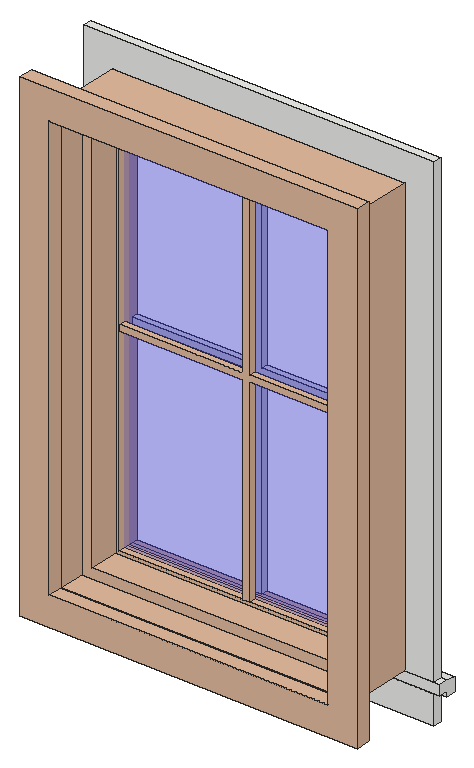
Revit family "M_Janela-fixa", category Janelas, Revit 2019
Family settings
  Hospedeiro = Parede
  Número OmniClass = 23.30.20.17.11
  Título OmniClass = Fixed Windows
  Sempre na vertical = Sim
  Corte com vazios quando carregada = Não
  Compartilhado = Não
  Ponto de cálculo do ambiente = Não
Parameters (values of type "600 x 900mm")
  Janela aplicada [instance] = 0 mm
  Espessura da parede [instance] = 150 mm
  Visual Light Transmittance = 0.81
  Resistência térmica (R) = 0.319569 (m²·K)/W
  Solar Heat Gain Coefficient = 0.76
  Largura bruta = Largura + 15 mm  # 615 mm
  Altura bruta = Altura + 15 mm  # 915 mm
  Visibilidade do montante = yes
  Padrão do montante = M_Padrão do montante_2x2 : M_Padrão do montante_2x2
  Fechamento da parede interior [instance] = 54.75 mm
  Visibilidade do recorte interior [instance] = yes
  Material da apara interior = Madeira – Manchada
  Recorte interior = M_Moldura-janela-interior-plana : Quadro
  Altura = 900 mm
  Material da moldura interior = Madeira – Manchada
  Coeficiente de transferência de calor (U) = 3.12929 W/(m²·K)
  Material do painel de vidro = Vidro
  Extensão do quadro [instance] = if(Visibilidade da apara externa, Janela aplicada + 6.35 mm, 6.35 mm)  # 6.35 mm
  Classificação de incêndio = "0.5h"
  Fechamento da parede externa [instance] = 31.75 mm
  Visibilidade da apara externa [instance] = yes
  Material da apara externa = Revestimento – Branco
  Apara externa = M_Recorte-Janela-Exterior-Plana : com peitoril
  Material da moldura exterior = Revestimento – Branco
  Visibilidade do umbral da extensão [instance] = and(Visibilidade do recorte interior, Espessura da parede - Janela aplicada > 95.25 mm)  # yes
  Umbral da extensão [instance] = if(Espessura da parede - Janela aplicada > 95.25 mm, Espessura da parede - Janela aplicada - 95.25 mm, 25.4 mm)  # 54.75 mm
  Altura-padrão do peitoril = 900 mm
  Fechamento da parede = Por hospedeiro
  Largura = 600 mm
  Código de montagem = "B2020100"
  Construção analítica = "Vidraça dupla – residencial"
Reference planes
  plane 1 "Centro (Frente/Trás)": y = 0
  plane 2: z = 0
  plane 3 "Centro (Esquerda/Direita)": x = 0
  plane 4 "Esquerda": x = -300
  plane 5 "Direita": x = 300
  plane 6 "Peitoril": z = 900
  plane 7 "Superior": z = 1800
  plane 8 "Inset Face": y = 75
  plane 9 "Fechamento da parede": y = -20.25
  plane 10 "Face do caixilho": y = 87.7
  plane 11 "Exterior": y = 75
  plane 12: x = 287.3
  plane 13: x = -287.3
  plane 14: z = 1787.3
  plane 15: z = 912.7
  plane 16: y = 55.95
  plane 17 "Vidro": y = 65.475
  plane 18: y = 94.05
  plane 19: y = 94.05
  plane 20 "Interior": y = -75
  plane 21 "Umbral": y = -20.25
  plane 22 "Meio": z = 1350
  plane 23: z = 1350
  plane 24: x = 268.25
  plane 25: x = 261.9
  plane 26: x = -261.9
  plane 27: x = 261.9
  plane 28: z = 1761.9
  plane 29: z = 938.1
  plane 30: y = -20.25
  plane 31: y = 43.25
  plane 32: y = 94.05
Forms (mm)
  Sweep 1, solid, material "Madeira – Manchada" <- "Material da moldura interior"
    path origin (0, 87.7, 0) x (-1, 0, 0) y (0, 0, 1)
      loop
        line (-300, 900) -> (300, 900) -> (300, 1800) -> (-300, 1800) -> (-300, 900)
    profile origin (300, 87.7, 1350) x (1, 0, 0) y (0, 1, 0)
      loop
        line (0, 6.35) -> (-12.7, 6.35) -> (-12.7, -44.45) -> (-31.75, -44.45) -> (-31.75, -107.95) -> (0, -107.95) -> (0, 6.35)
  Extrusion 2, solid, material "Madeira – Manchada" <- "Material da moldura interior", visible <- "Visibilidade do umbral da extensão"
    sketch origin (0, 0, 0) x (1, 0, 0) y (0, 0, 1)
      loop
        line (300, 1800) -> (-300, 1800) -> (-300, 900) -> (300, 900) -> (300, 1800)
      loop
        line (287.3, 912.7) -> (287.3, 1787.3) -> (-287.3, 1787.3) -> (-287.3, 912.7) -> (287.3, 912.7)
    from 20.25 to 75
  Sweep 3, solid, material "Madeira – Manchada" <- "Material da moldura interior"
    path origin (0, 87.7, 0) x (-1, 0, 0) y (0, 0, 1)
      loop
        line (-287.3, 1787.3) -> (-287.3, 912.7) -> (287.3, 912.7) -> (287.3, 1787.3) -> (-287.3, 1787.3)
    profile origin (287.3, 87.7, 1350) x (0, 1, 0) y (-1, 0, 0)
      loop
        line (0, 0) -> (0, 25.4) -> (-44.45, 25.4) -> (-44.45, 0) -> (0, 0)
  Extrusion 4, solid, material "Vidro" <- "Material do painel de vidro"
    sketch origin (0, 0, 900) x (0, -1, 0) y (1, 0, 0)
      loop
        line (-75, -261.9) -> (-68.65, -261.9) -> (-68.65, 261.9) -> (-75, 261.9) -> (-75, -261.9)
      loop
        line (-55.95, 261.9) -> (-62.3, 261.9) -> (-62.3, -261.9) -> (-55.95, -261.9) -> (-55.95, 261.9)
    from 38.1 to 861.9
Lines and regions (mm)
  Opening 1
    outline origin (-1524, -75, 0) x (1, 0, 0) y (0, 0, 1)
      loop
        line (1224, 1800) -> (1224, 900) -> (1824, 900) -> (1824, 1800) -> (1224, 1800)
  Split face 1
    outline origin (261.9, 87.7, 938.1) x (-1, 0, 0) y (0, -1, 0)
      loop
        line (523.8, 12.7) -> (0, 12.7)
  Split face 2
    outline origin (261.9, 87.7, 1761.9) x (0, 0, -1) y (0, -1, 0)
      loop
        line (0, 12.7) -> (823.8, 12.7)
  Split face 3
    outline origin (-261.9, 87.7, 938.1) x (0, 0, 1) y (0, -1, 0)
      loop
        line (823.8, 12.7) -> (0, 12.7)
  Split face 4
    outline origin (-261.9, 87.7, 1761.9) x (0, -1, 0) y (1, 0, 0)
      loop
        line (12.7, 0) -> (12.7, 523.8)
  Split face 5
    outline origin (287.3, 43.25, 912.7) x (0, 0, 1) y (0, 1, 0)
      loop
        line (874.6, 31.75) -> (0, 31.75)
  Split face 6
    outline origin (-287.3, 43.25, 912.7) x (1, 0, 0) y (0, 1, 0)
      loop
        line (0, 31.75) -> (574.6, 31.75)
  Split face 7
    outline origin (-287.3, 43.25, 1787.3) x (0, 0, -1) y (0, 1, 0)
      loop
        line (874.6, 44.45) -> (0, 44.45)
  Split face 8
    outline origin (287.3, 43.25, 1787.3) x (0, 1, 0) y (-1, 0, 0)
      loop
        line (44.45, 0) -> (44.45, 574.6)
Text (mm)
  text "EXTERIOR" at (-1490.695, 1293.036, 0), in view "Nível de referência"
  text "INTERIOR" at (-1490.695, -959.266, 0), in view "Nível de referência"
  text "Exterior" at (0, 1108.87, 3129.179), in view "Esquerda"
  text "Exterior" at (0, 464.664, 3176.206), in view "Direita"
Dimensions and locks
  equal spacing: plane 4 "Esquerda", plane 3 "Centro (Esquerda/Direita)", plane 5 "Direita"
  "Largura": plane 4 "Esquerda" to plane 5 "Direita"
  "Altura": plane 6 "Peitoril" to plane 7 "Superior"
  "Altura-padrão do peitoril": plane 2 to plane 6 "Peitoril"
  locked: plane 10 "Face do caixilho" to plane 8 "Inset Face" at 12.7
  "Espessura da parede": host wall to host wall
  "Janela aplicada": plane 11 "Exterior" to plane 8 "Inset Face"
  locked: Sweep 1 sketch curve to plane 5 "Direita" at 12.7
  locked: plane 12 to plane 5 "Direita" at 12.7
  locked: plane 4 "Esquerda" to plane 13 at 12.7
  locked: plane 14 to plane 7 "Superior" at 12.7
  locked: plane 6 "Peitoril" to plane 15 at 12.7
  plane 16 to Sweep 3 = 12.7 mm
  equal spacing: plane 8 "Inset Face", plane 17 "Vidro", plane 16
  locked: plane 8 "Inset Face" to plane 16 at 19.05
  locked: plane 18 to plane 11 "Exterior" at 19.05
  locked: plane 19 to plane 10 "Face do caixilho" at 6.35
  "Umbral da extensão": plane 21 "Umbral" to plane 20 "Interior"
  locked: plane 8 "Inset Face" to plane 9 "Fechamento da parede" at 95.25
  equal spacing: plane 6 "Peitoril", plane 23, plane 7 "Superior"
  plane 24 to plane 5 "Direita" = 31.75 mm
  plane 25 to plane 12 = 25.4 mm
  locked: plane 4 "Esquerda" to plane 26 at 38.1
  locked: plane 7 "Superior" to plane 28 at 38.1
  locked: plane 29 to plane 6 "Peitoril" at 38.1
  locked: plane 27 to plane 5 "Direita" at 38.1
  level to host wall = 7010.4 mm
  "Fechamento da parede interior": plane 30 to plane 20 "Interior"
  "Fechamento da parede externa": plane 11 "Exterior" to plane 31
  "Extensão do quadro": plane 32 to plane 10 "Face do caixilho"
  aligned and locked: plane 7 "Superior" to Opening 1 sketch curve
  aligned and locked: plane 6 "Peitoril" to Opening 1 sketch curve  (x2)
  aligned and locked: plane 5 "Direita" to Opening 1 sketch curve
  aligned and locked: plane 4 "Esquerda" to Opening 1 sketch curve
  aligned and locked: level to plane 2
  aligned and locked: host wall to plane 11 "Exterior"
  aligned and locked: plane 5 "Direita" to Sweep 1 sketch curve
  aligned and locked: plane 7 "Superior" to Sweep 1 sketch curve
  aligned and locked: Sweep 1 sketch curve to plane 4 "Esquerda"
  aligned and locked: Sweep 1 sketch curve to plane 6 "Peitoril"
  aligned and locked: Extrusion 2 sketch curve to host wall  (x3)
  aligned and locked: plane 7 "Superior" to Extrusion 2 sketch curve
  aligned and locked: host wall to Extrusion 2
  aligned and locked: Sweep 3 sketch curve to plane 12  (x2)
  aligned and locked: Sweep 3 sketch curve to plane 15
  aligned and locked: Split face 1 sketch curve to plane 8 "Inset Face"
  aligned and locked: plane 8 "Inset Face" to Split face 2 sketch curve
  aligned and locked: plane 8 "Inset Face" to Split face 3 sketch curve
  aligned and locked: Split face 4 sketch curve to plane 8 "Inset Face"
  aligned and locked: Extrusion 4 sketch curve to plane 8 "Inset Face"
  aligned and locked: Sweep 3 to Extrusion 4 sketch curve
  aligned and locked: Extrusion 4 sketch curve to plane 16
  aligned and locked: Extrusion 4 sketch curve to Sweep 3
  aligned and locked: plane 20 "Interior" to host wall
  aligned and locked: plane 21 "Umbral" to Extrusion 2
  aligned and locked: plane 9 "Fechamento da parede" to Sweep 1
  aligned and locked: nested 2 to plane 4 "Esquerda"
  aligned and locked: plane 11 "Exterior" to nested 2
  aligned and locked: profile plane to Sweep 3 sketch curve
  aligned and locked: plane 13 to Sweep 3 sketch curve
  aligned and locked: plane 12 to Extrusion 2 sketch curve
  aligned and locked: Extrusion 2 sketch curve to plane 14
  aligned and locked: Extrusion 2 sketch curve to plane 13
  aligned and locked: plane 15 to Extrusion 2 sketch curve
  aligned and locked: plane 23 to plane 22 "Meio"
  aligned and locked: plane 14 to Sweep 3 sketch curve
  aligned and locked: Sweep 1 sketch curve to Sweep 3
  aligned and locked: Sweep 3 sketch curve to plane 25
  aligned and locked: Extrusion 4 sketch curve to plane 25  (x2)
  aligned and locked: Extrusion 4 to Sweep 3  (x2)
  aligned and locked: plane 8 "Inset Face" to Split face 5 sketch curve
  aligned and locked: Split face 6 sketch curve to plane 8 "Inset Face"
  aligned and locked: Split face 7 sketch curve to plane 10 "Face do caixilho"
  aligned and locked: plane 10 "Face do caixilho" to Split face 8 sketch curve
  aligned and locked: plane 7 "Superior" to nested 2
  aligned and locked: nested 1 to plane 29
  aligned and locked: plane 15 to Extrusion 2
  aligned and locked: Extrusion 2 to plane 14
  aligned and locked: plane 17 "Vidro" to nested 1
  aligned and locked: nested 1 to plane 28
  aligned and locked: plane 25 to nested 1
  aligned and locked: plane 26 to nested 1
  aligned and locked: plane 7 "Superior" to nested 3
  aligned and locked: nested 3 to plane 3 "Centro (Esquerda/Direita)"
  aligned and locked: plane 7 "Superior" to nested 4
  aligned and locked: plane 3 "Centro (Esquerda/Direita)" to nested 4
  aligned and locked: plane 32 to Sweep 1 sketch curve
Automatic sketch dimensions
  Sweep 3 sketch curve to plane 10 "Face do caixilho" = 44.45 mm
  Split face 1 sketch curve to Sweep 3 = 0 mm  (x2)
  Sweep 3 to Split face 2 sketch curve = 0 mm
  Split face 2 sketch curve to Sweep 3 = 0 mm
  Split face 3 sketch curve to Sweep 3 = 0 mm
  Sweep 3 to Split face 3 sketch curve = 0 mm
  Split face 4 sketch curve to Sweep 3 = 0 mm  (x2)
  plane 17 "Vidro" to Extrusion 4 sketch curve = 3.175 mm
  Extrusion 4 sketch curve to plane 17 "Vidro" = 3.175 mm
  Sweep 1 sketch curve to profile plane = 0 mm
  profile plane to Sweep 1 sketch curve = 31.75 mm
  Sweep 1 sketch curve to plane 10 "Face do caixilho" = 107.95 mm
  Split face 5 sketch curve to Sweep 1 = 0 mm
  Sweep 1 to Split face 5 sketch curve = 0 mm
  Split face 6 sketch curve to Sweep 1 = 0 mm  (x2)
  Sweep 1 to Split face 7 sketch curve = 0 mm
  Split face 7 sketch curve to Sweep 1 = 0 mm
  Split face 8 sketch curve to Sweep 1 = 0 mm  (x2)
Nested families
  nested 1: "M_Padrão do montante_2x2" at (0, 65.475, 938.1) x (-1, 0, 0) z (0, 0, 1), type <- "Padrão do montante", Material externo <- "Material da moldura exterior", Material interior <- "Material da moldura interior", visible <- "Visibilidade do montante", type "M_Padrão do montante_2x2"
    with Largura 523.8 mm, Material interior Madeira – Manchada, Altura 823.8 mm, Material externo Revestimento – Branco
  nested 2: "M_Plana-fixa" at (0, 75, 900) x (-1, 0, 0) z (0, 0, 1), Largura <- "Largura", Espessura da parede <- "Espessura da parede", Altura <- "Altura", Janela aplicada <- "Janela aplicada", type "M_Plana-fixa"
    with Janela aplicada de 3D 0 mm, Janela aplicada 0 mm, Largura 600 mm, Espessura da parede 150 mm, Altura 900 mm
  nested 3: "M_Recorte-Janela-Exterior-Plana" at (0, 75, 1800) x (-1, 0, 0) z (0, 1, 0), visible <- "Visibilidade da apara externa", Material da apara <- "Material da apara externa", Largura da abertura <- "Largura", Altura da abertura <- "Altura", type <- "Apara externa", type "com peitoril"
    with Material da apara Revestimento – Branco, Largura da abertura 600 mm, Altura da abertura 900 mm
  nested 4: "M_Moldura-janela-interior-plana" at (0, -75, 1800) x (1, 0, 0) z (0, -1, 0), visible <- "Visibilidade do recorte interior", Material da apara <- "Material da apara interior", Largura da abertura <- "Largura", Altura da abertura <- "Altura", type <- "Recorte interior", type "Quadro"
    with Material da apara Madeira – Manchada, Largura da abertura 600 mm, Altura da abertura 900 mm
Definition of nested family "M_Padrão do montante_2x2"
  Parameters (values of type "M_Padrão do montante_2x2")
    Largura [instance] = 1200 mm
    Espessura = 12.7 mm
    Altura [instance] = 1200 mm
    Material interior [instance] = none
    Material externo [instance] = none
    Distância = 19.05 mm
  Reference planes
    plane 1 "Centro (Frente/Trás)": y = 0
    plane 2: z = 0
    plane 3 "Centro (Esquerda/Direita)": x = 0
    plane 4: z = 1200
    plane 5: x = -600
    plane 6: x = 600
    plane 7: z = 600
    plane 8: y = 9.525
    plane 9: y = 22.225
    plane 10: y = -9.525
    plane 11: y = -22.225
  Forms (mm)
    Extrusion 1, solid, material <- "Material interior", detail levels fine
      sketch origin (0, 0, 0) x (1, 0, 0) y (0, 0, 1)
        loop
          line (-600, 606.35) -> (-600, 593.65) -> (-6.35, 593.65) -> (-6.35, 0) -> (6.35, 0) -> (6.35, 593.65) -> (600, 593.65) -> (600, 606.35) -> (6.35, 606.35) -> (6.35, 1200) -> (-6.35, 1200) -> (-6.35, 606.35) -> (-600, 606.35)
      from 9.525 to 22.225
    Extrusion 2, solid, material <- "Material externo", detail levels fine
      sketch origin (0, 0, 0) x (1, 0, 0) y (0, 0, -1)
        loop
          line (-600, -606.35) -> (-6.35, -606.35) -> (-6.35, -1200) -> (6.35, -1200) -> (6.35, -606.35) -> (600, -606.35) -> (600, -593.65) -> (6.35, -593.65) -> (6.35, 0) -> (-6.35, 0) -> (-6.35, -593.65) -> (-600, -593.65) -> (-600, -606.35)
      from 9.525 to 22.225
  Lines and regions (mm)
    model lines, detail levels medium
      curve 1: line (0, 9.525, 1200) -> (0, 9.525, 0)
      curve 2: line (-600, -9.525, 600) -> (600, -9.525, 600)
      curve 3: line (-600, 9.525, 600) -> (600, 9.525, 600)
      curve 4: line (0, -9.525, 1200) -> (0, -9.525, 0)
  Dimensions and locks
    equal spacing: plane 6, plane 3 "Centro (Esquerda/Direita)", plane 5
    "Largura": plane 6 to plane 5
    "Altura": plane 4 to plane 2
    equal spacing: plane 4, plane 7, plane 2
    locked: plane 3 "Centro (Esquerda/Direita)" to Extrusion 1 sketch curve at 6.35  (x4)
    locked: Extrusion 1 sketch curve to plane 7 at 6.35  (x2)
    locked: plane 7 to Extrusion 1 sketch curve at 6.35  (x2)
    "Espessura": plane 9 to plane 8
    "Espessura": plane 10 to plane 11
    "Distância": plane 8 to plane 10
    equal spacing: plane 8, plane 1 "Centro (Frente/Trás)", plane 10
    aligned and locked: plane 2 to level
    aligned and locked: plane 4 to curve 1
    aligned and locked: plane 5 to curve 2
    aligned and locked: plane 2 to curve 1
    aligned and locked: plane 6 to curve 2
    aligned and locked: Extrusion 1 sketch curve to plane 4
    aligned and locked: Extrusion 1 sketch curve to plane 6
    aligned and locked: Extrusion 1 sketch curve to plane 5
    aligned and locked: Extrusion 1 sketch curve to level
    aligned and locked: Extrusion 1 to plane 11
    aligned and locked: plane 10 to Extrusion 1
    aligned and locked: Extrusion 2 to plane 5
    aligned and locked: plane 6 to Extrusion 2
    aligned and locked: Extrusion 2 to plane 8
    aligned and locked: plane 9 to Extrusion 2
    aligned and locked: Extrusion 2 to plane 2
    aligned and locked: plane 4 to Extrusion 2
    aligned and locked: plane 5 to curve 3
    aligned and locked: plane 6 to curve 3
    aligned and locked: plane 4 to curve 4
    aligned and locked: plane 2 to curve 4
    aligned and locked: plane 8 to curve 3
  Automatic sketch dimensions
    curve 2 to plane 7 = 0 mm
    Extrusion 2 sketch curve to plane 5 = 0 mm
    Extrusion 2 sketch curve to level = 0 mm
    Extrusion 2 sketch curve to plane 4 = 0 mm
    Extrusion 2 sketch curve to plane 6 = 0 mm
    Extrusion 2 sketch curve to plane 3 "Centro (Esquerda/Direita)" = 6.35 mm  (x2)
    plane 3 "Centro (Esquerda/Direita)" to Extrusion 2 sketch curve = 6.35 mm  (x2)
    plane 7 to Extrusion 2 sketch curve = 6.35 mm  (x2)
    Extrusion 2 sketch curve to plane 7 = 6.35 mm  (x2)
    curve 4 to plane 3 "Centro (Esquerda/Direita)" = 0 mm
    curve 4 to level = 0 mm
    curve 4 to plane 4 = 0 mm
    curve 3 to plane 6 = 0 mm
    curve 1 to plane 3 "Centro (Esquerda/Direita)" = 0 mm
    curve 3 to plane 5 = 0 mm
    curve 3 to plane 7 = 0 mm
Definition of nested family "M_Recorte-Janela-Exterior-Plana"
  Parameters (values of type "com peitoril")
    Largura da apara = 60 mm
    Espessura da apara_Quadro = 30 mm
    Espessura da apara_com peitoril = 19.05 mm
    Material da apara [instance] = none
    Espessura do peitoril = 30 mm
    Peitoril = yes
    Quadro = no
    Largura da abertura [instance] = 600 mm
    Altura da abertura [instance] = 900 mm
    Default Elevation = 1200 mm
  Types (2, lengths in mm): name | Peitoril | Quadro
    com peitoril | yes | no
    Quadro | no | yes
  Reference planes
    plane 1 "Centro (Frente/Trás)": y = 0
    plane 2: z = 0
    plane 3 "Centro (Esquerda/Direita)": x = 0
    plane 4: y = 60
    plane 5 "Esquerda": x = -300
    plane 6 "Direita": x = 300
    plane 7 "Inferior": y = -900
    plane 8: y = -930
    plane 9: y = -980.432
    plane 10: x = 360
    plane 11: x = -360
    plane 12: z = 19.05
    plane 13: z = 30
    plane 14: x = 372.7
    plane 15: x = -372.7
    plane 16: y = -920.432
    plane 17: y = -960
    plane 18: z = 12.7
    plane 19: y = -450
    plane 20: z = 38.1
  Forms (mm)
    Extrusion 1, solid
      sketch origin (0, 0, 0) x (1, 0, 0) y (0, 1, 0)
        loop
          line (-361.95, 57.15) -> (-361.95, -993.732) -> (361.95, -993.732) -> (361.95, 57.15) -> (-361.95, 57.15)
      from 0 to -304.8
    Extrusion 2, solid, material <- "Material da apara", visible <- "Peitoril"
      sketch origin (0, 0, 0) x (1, 0, 0) y (0, 1, 0)
        loop
          line (-360, -900) -> (-300, -900) -> (-300, 0) -> (300, 0) -> (300, -900) -> (360, -900) -> (360, 60) -> (-360, 60) -> (-360, -900)
      from 0 to 19.05
    Extrusion 3, solid, material <- "Material da apara", visible <- "Peitoril"
      sketch origin (0, 0, 0) x (0, 1, 0) y (0, 0, 1)
        loop
          line (-902.458, 38.1) -> (-930, 38.1) -> (-930, 19.05) -> (-920.432, 19.05) -> (-920.432, 0) -> (-900, 0) -> (-900, 19.05) -> (-902.458, 38.1)
      from -372.7 to 372.7
    Extrusion 4, solid, material <- "Material da apara", visible <- "Peitoril"
      sketch origin (0, 0, 0) x (1, 0, 0) y (0, 1, 0)
        loop
          line (-360, -920.432) -> (-360, -980.432) -> (360, -980.432) -> (360, -920.432) -> (-360, -920.432)
      from 0 to 19.05
    Extrusion 5, solid, material <- "Material da apara", visible <- "Quadro"
      sketch origin (0, 0, 0) x (1, 0, 0) y (0, 1, 0)
        loop
          line (-300, 0) -> (-300, -900) -> (300, -900) -> (300, 0) -> (-300, 0)
        loop
          line (-360, 60) -> (-360, -960) -> (360, -960) -> (360, 60) -> (-360, 60)
      from 0 to 30
  Dimensions and locks
    equal spacing: plane 5 "Esquerda", plane 3 "Centro (Esquerda/Direita)", plane 6 "Direita"
    "Largura da abertura": plane 5 "Esquerda" to plane 6 "Direita"
    "Altura da abertura": plane 7 "Inferior" to plane 1 "Centro (Frente/Trás)"
    "Espessura do peitoril": plane 7 "Inferior" to plane 8
    "Largura da apara": plane 11 to plane 5 "Esquerda"
    "Largura da apara": plane 6 "Direita" to plane 10
    "Largura da apara": plane 1 "Centro (Frente/Trás)" to plane 4
    locked: plane 15 to plane 11 at 12.7
    locked: plane 10 to plane 14 at 12.7
    locked: plane 16 to plane 8 at 9.568
    "Largura da apara": plane 9 to plane 16
    "Largura da apara": plane 17 to plane 7 "Inferior"
    locked: plane 18 to plane 2 at 12.7
    equal spacing: plane 7 "Inferior", plane 19, plane 1 "Centro (Frente/Trás)"
    locked: plane 20 to plane 12 at 19.05
    "Espessura da apara_com peitoril": plane 12 to plane 2
    "Espessura da apara_Quadro": plane 13 to plane 2
    aligned and locked: plane 2 to Extrusion 1
    aligned and locked: level to Extrusion 1
    aligned and locked: Extrusion 2 sketch curve to plane 5 "Esquerda"
    aligned and locked: Extrusion 2 sketch curve to plane 11
    aligned and locked: plane 7 "Inferior" to Extrusion 2 sketch curve  (x2)
    aligned and locked: plane 1 "Centro (Frente/Trás)" to Extrusion 2 sketch curve
    aligned and locked: plane 10 to Extrusion 2 sketch curve
    aligned and locked: Extrusion 2 sketch curve to plane 6 "Direita"
    aligned and locked: plane 12 to Extrusion 2
    aligned and locked: Extrusion 3 sketch curve to level
    aligned and locked: plane 7 "Inferior" to Extrusion 3 sketch curve
    aligned and locked: Extrusion 3 sketch curve to plane 8
    aligned and locked: plane 15 to Extrusion 3
    aligned and locked: Extrusion 3 to plane 14
    aligned and locked: plane 10 to Extrusion 4 sketch curve
    aligned and locked: Extrusion 4 sketch curve to plane 11
    aligned and locked: plane 16 to Extrusion 4 sketch curve
    aligned and locked: plane 9 to Extrusion 4 sketch curve
    aligned and locked: Extrusion 4 to Extrusion 2
    aligned and locked: Extrusion 2 sketch curve to plane 4
    aligned and locked: plane 1 "Centro (Frente/Trás)" to Extrusion 5 sketch curve
    aligned and locked: Extrusion 5 sketch curve to plane 4
    aligned and locked: Extrusion 5 sketch curve to plane 17
    aligned and locked: plane 7 "Inferior" to Extrusion 5 sketch curve
    aligned and locked: Extrusion 5 sketch curve to plane 6 "Direita"
    aligned and locked: plane 10 to Extrusion 5 sketch curve
    aligned and locked: Extrusion 5 sketch curve to plane 5 "Esquerda"
    aligned and locked: Extrusion 5 sketch curve to plane 11
    aligned and locked: plane 13 to Extrusion 5
    aligned and locked: plane 20 to Extrusion 3
  Automatic sketch dimensions
    Extrusion 1 sketch curve to Extrusion 1 sketch curve = 723.9 mm
    Extrusion 1 sketch curve to Extrusion 1 sketch curve = 1050.882 mm
    Extrusion 3 sketch curve to plane 16 = 0 mm
    Extrusion 3 sketch curve to plane 12 = 0 mm  (x2)
    Extrusion 3 sketch curve to plane 7 "Inferior" = 2.458 mm
    plane 13 to Extrusion 3 sketch curve = 8.1 mm
Definition of nested family "M_Moldura-janela-interior-plana"
  Parameters (values of type "com peitoril")
    Espessura da apara_Quadro = 30 mm
    Largura da apara = 60 mm
    Espessura da apara_com peitoril = 20 mm
    Material da apara [instance] = none
    Espessura do peitoril = 30 mm
    Peitoril = yes
    Quadro = no
    Largura da abertura [instance] = 600 mm
    Altura da abertura [instance] = 900 mm
    Default Elevation = 1200 mm
  Types (2, lengths in mm): name | Peitoril | Quadro
    com peitoril | yes | no
    Quadro | no | yes
  Reference planes
    plane 1 "Centro (Frente/Trás)": y = 0
    plane 2: z = 0
    plane 3 "Centro (Esquerda/Direita)": x = 0
    plane 4: y = 47.3
    plane 5 "Esquerda": x = -300
    plane 6 "Direita": x = 300
    plane 7 "Inferior": y = -900
    plane 8: y = -930
    plane 9: y = -980.432
    plane 10: x = 347.3
    plane 11: x = -347.3
    plane 12: z = 20
    plane 13: z = 30
    plane 14: x = 360
    plane 15: x = -360
    plane 16: y = -920.432
    plane 17: y = -947.3
    plane 18: z = 12.7
    plane 19: x = -287.3
    plane 20: y = -12.7
    plane 21: x = 287.3
    plane 22: y = -887.3
    plane 23: x = -334.6
    plane 24: x = 334.6
    plane 25: y = -450
  Forms (mm)
    Extrusion 1, solid
      sketch origin (0, 0, 0) x (1, 0, 0) y (0, 1, 0)
        loop
          line (-349.25, 44.45) -> (-349.25, -958.85) -> (349.25, -958.85) -> (349.25, 44.45) -> (-349.25, 44.45)
      from 0 to -304.8
    Extrusion 2, solid, material <- "Material da apara", visible <- "Peitoril"
      sketch origin (0, 0, 0) x (1, 0, 0) y (0, 1, 0)
        loop
          line (-334.6, -900) -> (-287.3, -900) -> (-287.3, 0) -> (287.3, 0) -> (287.3, -900) -> (334.6, -900) -> (334.6, 47.3) -> (-334.6, 47.3) -> (-334.6, -900)
      from 0 to 20
    Extrusion 3, solid, material <- "Material da apara", visible <- "Peitoril"
      sketch origin (0, 0, 0) x (0, 1, 0) y (0, 0, 1)
        loop
          line (-912.7, 39.05) -> (-920.432, 39.05) -> (-920.432, 0) -> (-900, 0) -> (-900, 26.35)
          arc (-900, 26.35) -> (-903.72, 35.33) -> (-912.7, 39.05) r 12.7
      from -347.3 to 347.3
    Extrusion 4, solid, material <- "Material da apara", visible <- "Peitoril"
      sketch origin (0, 0, 0) x (1, 0, 0) y (0, 1, 0)
        loop
          line (-334.6, -920.432) -> (-334.6, -980.432) -> (334.6, -980.432) -> (334.6, -920.432) -> (-334.6, -920.432)
      from 0 to 20
    Extrusion 5, solid, material <- "Material da apara", visible <- "Quadro"
      sketch origin (0, 0, 0) x (1, 0, 0) y (0, 1, 0)
        loop
          line (-287.3, -12.7) -> (-287.3, -887.3) -> (287.3, -887.3) -> (287.3, -12.7) -> (-287.3, -12.7)
        loop
          line (-347.3, 47.3) -> (-347.3, -947.3) -> (347.3, -947.3) -> (347.3, 47.3) -> (-347.3, 47.3)
      from 0 to 30
  Dimensions and locks
    equal spacing: plane 5 "Esquerda", plane 3 "Centro (Esquerda/Direita)", plane 6 "Direita"
    "Largura da abertura": plane 5 "Esquerda" to plane 6 "Direita"
    "Altura da abertura": plane 7 "Inferior" to plane 1 "Centro (Frente/Trás)"
    "Espessura do peitoril": plane 7 "Inferior" to plane 8
    "Largura da apara": plane 11 to plane 19
    "Largura da apara": plane 21 to plane 10
    "Largura da apara": plane 20 to plane 4
    "Espessura da apara_com peitoril": plane 12 to plane 2
    locked: plane 15 to plane 11 at 12.7
    locked: plane 10 to plane 14 at 12.7
    locked: plane 16 to plane 8 at 9.568
    "Largura da apara": plane 9 to plane 16
    "Largura da apara": plane 17 to plane 22
    plane 20 to plane 1 "Centro (Frente/Trás)" = 12.7 mm
    plane 5 "Esquerda" to plane 19 = 12.7 mm
    plane 21 to plane 6 "Direita" = 12.7 mm
    plane 22 to plane 7 "Inferior" = 12.7 mm
    locked: plane 11 to plane 23 at 12.7
    locked: plane 24 to plane 10 at 12.7
    equal spacing: plane 7 "Inferior", plane 25, plane 1 "Centro (Frente/Trás)"
    "Espessura da apara_Quadro": plane 13 to plane 2
    locked: Extrusion 3 to plane 12 at 19.05
    locked: plane 12 to Extrusion 3 sketch curve at 19.05
    radius of Extrusion 3 sketch curve = 12.7 mm
    aligned and locked: plane 2 to Extrusion 1
    aligned and locked: level to Extrusion 1
    aligned and locked: plane 7 "Inferior" to Extrusion 2 sketch curve  (x2)
    aligned and locked: plane 1 "Centro (Frente/Trás)" to Extrusion 2 sketch curve
    aligned and locked: plane 12 to Extrusion 2
    aligned and locked: Extrusion 3 sketch curve to level
    aligned and locked: plane 7 "Inferior" to Extrusion 3 sketch curve
    aligned and locked: plane 16 to Extrusion 4 sketch curve
    aligned and locked: plane 9 to Extrusion 4 sketch curve
    aligned and locked: Extrusion 2 sketch curve to plane 4
    aligned and locked: Extrusion 5 sketch curve to plane 4
    aligned and locked: Extrusion 5 sketch curve to plane 17
    aligned and locked: plane 10 to Extrusion 5 sketch curve
    aligned and locked: Extrusion 5 sketch curve to plane 11
    aligned and locked: plane 13 to Extrusion 5
    aligned and locked: Extrusion 5 sketch curve to plane 20
    aligned and locked: Extrusion 5 sketch curve to plane 19
    aligned and locked: Extrusion 5 sketch curve to plane 21
    aligned and locked: plane 22 to Extrusion 5 sketch curve
    aligned and locked: Extrusion 4 to plane 24
    aligned and locked: plane 11 to Extrusion 3
    aligned and locked: Extrusion 3 to plane 10
    aligned and locked: Extrusion 2 sketch curve to plane 21
    aligned and locked: Extrusion 2 sketch curve to plane 24
    aligned and locked: Extrusion 2 sketch curve to plane 19
    aligned and locked: Extrusion 2 sketch curve to plane 23
    aligned and locked: plane 12 to Extrusion 4
  Automatic sketch dimensions
    Extrusion 1 sketch curve to Extrusion 1 sketch curve = 698.5 mm
    Extrusion 1 sketch curve to Extrusion 1 sketch curve = 1003.3 mm
    Extrusion 3 sketch curve to plane 16 = 0 mm
    Extrusion 4 sketch curve to plane 11 = 12.7 mm
    Extrusion 4 sketch curve to plane 24 = 0 mm
Definition of nested family "M_Plana-fixa"
  Parameters (values of type "M_Plana-fixa")
    Janela aplicada [instance] = 25 mm
    Janela aplicada de 3D [instance] = if(Janela aplicada - 12.7 mm < 0 mm, 0 mm, if(Janela aplicada - 12.7 mm < Espessura da parede - 88.9 mm, Janela aplicada - 12.7 mm, Espessura da parede - 88.9 mm))  # 12.3 mm
    Width [instance] = 1200 mm
    Espessura da parede [instance] = 150 mm
    Height [instance] = 900 mm
    Default Elevation = 1200 mm
    Analytic Construction = "<Nenhum>"
  Reference planes
    plane 1 "Centro (Frente/Trás)": y = 0
    plane 2: z = 0
    plane 3 "Centro (Esquerda/Direita)": x = 0
    plane 4: x = -600
    plane 5: x = 600
    plane 6 "Umbral": y = -101.2
    plane 7: x = -587.3
    plane 8: x = -568.25
    plane 9: y = -12.3
    plane 10: y = -56.75
    plane 11: y = -34.525
    plane 12: x = -561.9
    plane 13: x = 587.3
    plane 14: x = 568.25
    plane 15: x = 561.9
    plane 16 "Janela aplicada": y = -25
    plane 17 "Parede": y = -150
    plane 18: z = 900
    plane 19: z = 887.3
    plane 20: z = 12.7
    plane 21: z = 868.25
    plane 22: z = 31.75
    plane 23: z = 861.9
    plane 24: z = 38.1
  Lines and regions (mm)
    Masking region 1
      outline origin (0, 19.05, 0) x (1, 0, 0) y (0, 1, 0)
        loop
          line (-600, -169.05) -> (600, -169.05) -> (600, -19.05) -> (-600, -19.05) -> (-600, -169.05)
    Masking region 2
      outline origin (0, 0, 0) x (0, 1, 0) y (0, 0, 1)
        loop
          line (-150, 900) -> (-150, 0) -> (0, 0) -> (0, 900) -> (-150, 900)
    symbolic lines
      curve 1: line (-587.3, -56.75, 0) -> (-568.25, -56.75, 0)
      curve 2: line (-568.25, -56.75, 0) -> (-568.25, -101.2, 0)
      curve 3: line (-587.3, -12.3, 0) -> (-587.3, -56.75, 0)
      curve 4: line (-600, -12.3, 0) -> (-561.9, -12.3, 0)
      curve 5: line (-561.9, -12.3, 0) -> (-561.9, -56.75, 0)
      curve 6: line (-561.9, -56.75, 0) -> (-568.25, -56.75, 0)
      curve 7: line (-561.9, -34.525, 0) -> (561.9, -34.525, 0)
      curve 8: line (587.3, -56.75, 0) -> (568.25, -56.75, 0)
      curve 9: line (568.25, -56.75, 0) -> (568.25, -101.2, 0)
      curve 10: line (587.3, -12.3, 0) -> (587.3, -56.75, 0)
      curve 11: line (561.9, -12.3, 0) -> (561.9, -56.75, 0)
      curve 12: line (561.9, -56.75, 0) -> (568.25, -56.75, 0)
      curve 13: line (-600, -101.2, 0) -> (-568.25, -101.2, 0)
      curve 14: line (568.25, -101.2, 0) -> (600, -101.2, 0)
      curve 15: line (0, -12.3, 887.3) -> (0, -56.75, 887.3)
      curve 16: line (0, -56.75, 868.25) -> (0, -101.2, 868.25)
      curve 17: line (0, -101.2, 0) -> (0, -101.2, 31.75)
      curve 18: line (0, -12.3, 12.7) -> (0, -56.75, 12.7)
      curve 19: line (0, -56.75, 12.7) -> (0, -56.75, 38.1)
      curve 20: line (0, -56.75, 31.75) -> (0, -101.2, 31.75)
      curve 21: line (0, -12.3, 900) -> (0, -12.3, 861.9)
      curve 22: line (0, -12.3, 861.9) -> (0, -56.75, 861.9)
      curve 23: line (0, -56.75, 38.1) -> (0, -12.3, 38.1)
      curve 24: line (0, -34.525, 38.1) -> (0, -34.525, 861.9)
      curve 25: line (0, -56.75, 887.3) -> (0, -56.75, 861.9)
      curve 26: line (561.9, -12.3, 0) -> (600, -12.3, 0)
      curve 27: line (0, -101.2, 868.25) -> (0, -101.2, 900)
      curve 28: line (0, -12.3, 38.1) -> (0, -12.3, 0)
      curve 29: line (-561.9, -12.3, 0) -> (561.9, -12.3, 0)
      curve 30: line (568.25, -101.2, 0) -> (-568.25, -101.2, 0)
      curve 31: line (0, -12.3, 861.9) -> (0, -12.3, 38.1)
      curve 32: line (0, -101.2, 31.75) -> (0, -101.2, 868.25)
  Dimensions and locks
    "Width": plane 4 to plane 5
    equal spacing: plane 4, plane 3 "Centro (Esquerda/Direita)", plane 5
    plane 4 to plane 7 to plane 8 = 12.7 mm locked, 19.05 mm locked
    equal spacing: plane 9, plane 11, plane 10
    plane 5 to plane 13 to plane 14 = 12.7 mm locked, 19.05 mm locked
    locked: plane 9 to plane 16 "Janela aplicada" at 12.7
    locked: plane 9 to plane 10 at 44.45
    "Espessura da parede": plane 17 "Parede" to plane 1 "Centro (Frente/Trás)"
    "Height": plane 18 to plane 2
    locked: plane 18 to plane 19 at 12.7
    locked: plane 20 to plane 2 at 12.7
    locked: plane 19 to plane 21 at 19.05
    locked: plane 22 to plane 20 at 19.05
    locked: plane 10 to plane 6 "Umbral" at 44.45
    "Janela aplicada de 3D": plane 9 to plane 1 "Centro (Frente/Trás)"
    locked: plane 7 to plane 12 at 25.4
    locked: plane 15 to plane 13 at 25.4
    locked: plane 19 to plane 23 at 25.4
    locked: plane 24 to plane 20 at 25.4
    aligned and locked: plane 2 to level
    aligned and locked: curve 2 to plane 8
    aligned and locked: curve 1 to plane 10
    aligned and locked: plane 4 to Masking region 1 sketch curve
    aligned and locked: Masking region 1 sketch curve to plane 5
    aligned and locked: plane 14 to curve 9
    aligned and locked: Masking region 1 sketch curve to plane 17 "Parede"
    aligned and locked: curve 13 to plane 6 "Umbral"
    aligned and locked: curve 14 to plane 6 "Umbral"
    aligned and locked: plane 1 "Centro (Frente/Trás)" to Masking region 1 sketch curve
    aligned and locked: Masking region 2 sketch curve to plane 18
    aligned and locked: plane 17 "Parede" to Masking region 2 sketch curve
    aligned and locked: level to Masking region 2 sketch curve
    aligned and locked: plane 6 "Umbral" to curve 17
    aligned and locked: plane 21 to curve 16
    aligned and locked: plane 19 to curve 15
    aligned and locked: plane 22 to curve 20
    aligned and locked: plane 10 to curve 19  (x2)
    aligned and locked: plane 20 to curve 18
    aligned and locked: curve 21 to plane 9
    aligned and locked: plane 23 to curve 22
    aligned and locked: curve 23 to plane 24
    aligned and locked: plane 11 to curve 24
    aligned and locked: plane 4 to curve 4
    aligned and locked: plane 5 to curve 26
    aligned and locked: plane 18 to curve 21
    aligned and locked: plane 9 to curve 15
    aligned and locked: plane 9 to curve 18
    aligned and locked: plane 2 to curve 28
    aligned and locked: plane 9 to curve 3
    aligned and locked: plane 9 to curve 10
    aligned and locked: curve 25 to plane 10
    aligned and locked: plane 19 to curve 25
    aligned and locked: plane 23 to curve 25
    aligned and locked: plane 2 to curve 17
    aligned and locked: curve 26 to plane 9
    aligned and locked: curve 4 to plane 9
    aligned and locked: curve 5 to plane 12
    aligned and locked: plane 15 to curve 11
    aligned and locked: curve 7 to plane 11
    aligned and locked: curve 12 to plane 10
    aligned and locked: plane 10 to curve 8
    aligned and locked: plane 6 "Umbral" to curve 27
  Automatic sketch dimensions
    Masking region 2 sketch curve to plane 1 "Centro (Frente/Trás)" = 0 mm
    curve 13 to plane 4 = 0 mm
    curve 3 to plane 7 = 0 mm
    curve 10 to plane 13 = 0 mm
    curve 14 to plane 5 = 0 mm
    curve 18 to plane 20 = 0 mm
    curve 27 to plane 18 = 0 mm
Types in the file's own list only (19): name | Transmissão de luz visual | Resistência térmica (R) | Coeficiente de ganho de calor solar | Largura bruta | Altura bruta | Visibilidade do montante | Padrão do montante | Altura | Coeficiente de transferência de calor (U) | Largura
  600 x 1050mm | 0.81 | 0.3196 (m²·K)/W | 0.76 | 615 mm | 1065 mm | Sim | M_Padrão do montante_2x2 | 1050 mm | 3.1293 W/(m²·K) | 600 mm
  600 x 1200mm | 0.81 | 0.3196 (m²·K)/W | 0.76 | 615 mm | 1215 mm | Sim | M_Padrão do montante_2x2 | 1200 mm | 3.1293 W/(m²·K) | 600 mm
  600 x 1350mm | 0.81 | 0.3196 (m²·K)/W | 0.76 | 615 mm | 1365 mm | Sim | M_Padrão do montante_2x2 | 1350 mm | 3.1293 W/(m²·K) | 600 mm
  600 x 1500mm | 0.81 | 0.3196 (m²·K)/W | 0.76 | 615 mm | 1515 mm | Sim | M_Padrão do montante_2x2 | 1500 mm | 3.1293 W/(m²·K) | 600 mm
  600 x 1650mm | 0.81 | 0.3196 (m²·K)/W | 0.76 | 615 mm | 1665 mm | Sim | M_Padrão do montante_2x2 | 1650 mm | 3.1293 W/(m²·K) | 600 mm
  750 x 600mm | 0.81 | 0.3196 (m²·K)/W | 0.76 | 765 mm | 615 mm | Sim | M_Padrão do montante_2x2 | 600 mm | 3.1293 W/(m²·K) | 750 mm
  750 x 750mm | 0.81 | 0.3196 (m²·K)/W | 0.76 | 765 mm | 765 mm | Sim | M_Padrão do montante_2x2 | 750 mm | 3.1293 W/(m²·K) | 750 mm
  750 x 900mm | 0.81 | 0.3196 (m²·K)/W | 0.76 | 765 mm | 915 mm | Sim | M_Padrão do montante_2x2 | 900 mm | 3.1293 W/(m²·K) | 750 mm
  750 x 1050mm | 0.81 | 0.3196 (m²·K)/W | 0.76 | 765 mm | 1065 mm | Sim | M_Padrão do montante_2x2 | 1050 mm | 3.1293 W/(m²·K) | 750 mm
  750 x 1200mm | 0.81 | 0.3196 (m²·K)/W | 0.76 | 765 mm | 1215 mm | Sim | M_Padrão do montante_2x2 | 1200 mm | 3.1293 W/(m²·K) | 750 mm
  750 x 1350mm | 0.81 | 0.3196 (m²·K)/W | 0.76 | 765 mm | 1365 mm | Sim | M_Padrão do montante_2x2 | 1350 mm | 3.1293 W/(m²·K) | 750 mm
  750 x 1500mm | 0.81 | 0.3196 (m²·K)/W | 0.76 | 765 mm | 1515 mm | Sim | M_Padrão do montante_2x2 | 1500 mm | 3.1293 W/(m²·K) | 750 mm
  750 x 1650mm | 0.81 | 0.3196 (m²·K)/W | 0.76 | 765 mm | 1665 mm | Sim | M_Padrão do montante_2x2 | 1650 mm | 3.1293 W/(m²·K) | 750 mm
  900 x 900mm | 0.81 | 0.3196 (m²·K)/W | 0.76 | 915 mm | 915 mm | Sim | M_Padrão do montante_2x2 | 900 mm | 3.1293 W/(m²·K) | 900 mm
  900 x 1050mm | 0.81 | 0.3196 (m²·K)/W | 0.76 | 915 mm | 1065 mm | Sim | M_Padrão do montante_2x2 | 1050 mm | 3.1293 W/(m²·K) | 900 mm
  900 x 1200mm | 0.81 | 0.3196 (m²·K)/W | 0.76 | 915 mm | 1215 mm | Sim | M_Padrão do montante_2x2 | 1200 mm | 3.1293 W/(m²·K) | 900 mm
  900 x 1350mm | 0.81 | 0.3196 (m²·K)/W | 0.76 | 915 mm | 1365 mm | Sim | M_Padrão do montante_2x2 | 1350 mm | 3.1293 W/(m²·K) | 900 mm
  900 x 1500mm | 0.81 | 0.3196 (m²·K)/W | 0.76 | 915 mm | 1515 mm | Sim | M_Padrão do montante_2x2 | 1500 mm | 3.1293 W/(m²·K) | 900 mm
  900 x 1650mm | 0.81 | 0.3196 (m²·K)/W | 0.76 | 915 mm | 1665 mm | Sim | M_Padrão do montante_2x2 | 1650 mm | 3.1293 W/(m²·K) | 900 mm
